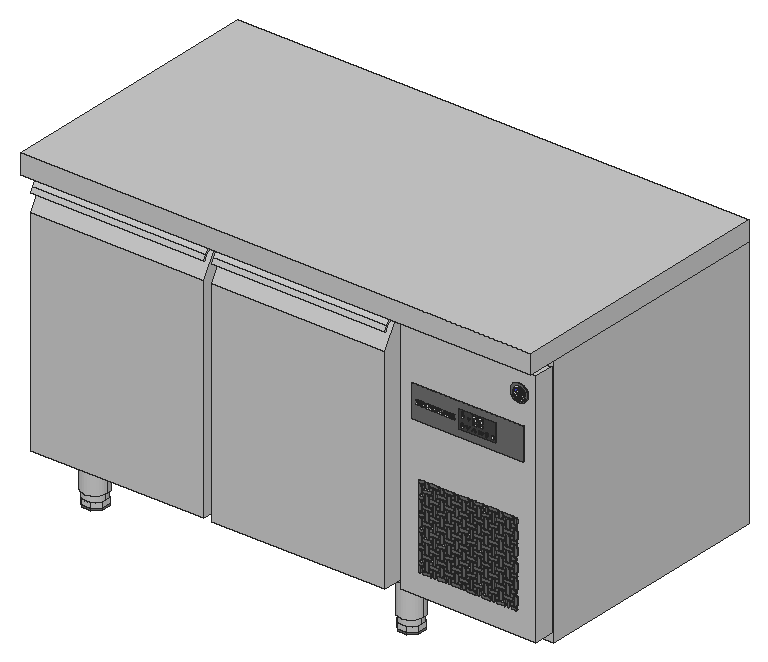
Revit family "QF_HOSHIZAKI_899000840", category Specialty Equipment, Revit 2016
Family settings
  Part Type = Normal
  Round Connector Dimension = Use Diameter
  OmniClass Number = 23.40.40.14
  OmniClass Title = Food Service Equipment
  Work Plane-Based = No
  Always vertical = Yes
  Cut with Voids When Loaded = No
  Shared = No
  Room Calculation Point = No
Parameters (values of type "899000840_230V-1Ph-50Hz")
  Weight = 95.00 kg
  Volts = 230 V
  URL Cutsheet = ""
  URL = "www.hoshizaki-europe.com"
  Status [instance] = ""
  Specification by User [instance] = ""
  Specification by Manufacturer [instance] = ""
  Serial Number = ""
  Seismic Rating = ""
  SMACNA No = ""
  Revision Code [instance] = ""
  Phase = 1
  Number of Poles = 2
  NAFEM Spec ID Number = ""
  Model = "ACF-130DG-LR-RRC-L1"
  Min Ckt Ampacity = 0 A
  Max Overcurrent Protection = 0 A
  Masterspec = ""
  Manufacturer = "HOSHIZAKI"
  Length Actual = 1314 mm
  Item Number [instance] = ""
  Installed By [instance] = ""
  Identify Quantity as Lot [instance] = no
  Height Actual = 900 mm
  HP power = ""
  Furnished By [instance] = ""
  Foodservice Equipment Identifier [instance] = yes
  FL Amps = 2.27 A
  Electric power = 524 W
  Electric Connection Type [instance] = ""
  Elec Conn RI Height [instance] = 0 mm
  Elec Conn Connection Height [instance] = 200 mm
  Description = "ADVANCE 2-SECTION 1/1 GN FREEZER COUNTER WITH 2 DOORS AND A FLAT WORKTOP"
  Depth Actual = 700 mm
  Cycle = 50 Hz
  Cost = 0
  Conn Plug = ""
  Conn Conduit = no
  CSI MasterFormat = ""
  Assembly Code = "E1090320"
  Apparent Power = 524 VA
  Accessory = no
Reference planes
  plane 1 "Center (Front/Back)": y = 0
  plane 2: z = 0
  plane 3 "Center (Left/Right)": x = 0
Forms (mm)
  Extrusion 1, solid, not visible
    sketch origin (1199, -17, 349) x (1, 0, 0) y (0, 1, 0)
      loop
        line (0, 0) -> (2, 0) -> (2, 2) -> (0, 2) -> (0, 0)
    from 0 to 2
Dimensions and locks
  aligned and locked: level to plane 2
Nested families
  nested 1: "QF_HOSHIZAKI_899000840_230V_1Ph_50Hz" at (0, 0, 150), type "899000840_230V/1Ph/50Hz"
    with Show Logo yes, Length Actual 1314 mm, Height Actual 650 mm, Depth Actual 700 mm, Compressor offset 958 mm, Compressor location 1
  nested 2: "QF_HOSHIZAKI_ADVANCE_REF-COUNTER-WORKTOPS" at (0, 0, 800), type "760660093"
    with Worktop thickness 50 mm, Length Actual 1314 mm, Depth Actual 700 mm, Backsplash thickness 20 mm, Backsplash height 100 mm
  nested 3: "QF_HOSHIZAKI_ADVANCE_REF-COUNTER-DOORS-DRAWERS" at (22, -700, 150), type "760660485-R"
    with Weight 0.00 kg, URL Cutsheet "", Status "", Specification by User "", Specification by Manufacturer "", Serial Number "", Seismic Rating "", Section size 446 mm, Section 1, SMACNA No "", Right hand hinged glass door no, Right hand hinged door no, Revision Code "", NAFEM Spec ID Number "", Masterspec "", Length Actual 0 mm, Left hand hinged glass door no, Left hand hinged door yes, Item Number "", Installed By "", Identify Quantity as Lot no, Height Actual 0 mm, Furnished By "", Foodservice Equipment Identifier no, Depth Actual 0 mm, CSI MasterFormat "", Accessory yes, 3 Drawers no, 2 Drawers 1-3 and 2-3 no, 2 Drawers no
  nested 4: "QF_HOSHIZAKI_ADVANCE_REF-COUNTER-DOORS-DRAWERS" at (488, -700, 150), type "760660485-R"
    with Weight 0.00 kg, URL Cutsheet "", Status "", Specification by User "", Specification by Manufacturer "", Serial Number "", Seismic Rating "", Section size 446 mm, Section 2, SMACNA No "", Right hand hinged glass door no, Right hand hinged door yes, Revision Code "", NAFEM Spec ID Number "", Masterspec "", Length Actual 0 mm, Left hand hinged glass door no, Left hand hinged door no, Item Number "", Installed By "", Identify Quantity as Lot no, Height Actual 0 mm, Furnished By "", Foodservice Equipment Identifier no, Depth Actual 0 mm, CSI MasterFormat "", Accessory yes, 3 Drawers no, 2 Drawers 1-3 and 2-3 no, 2 Drawers no
  nested 5: "QF_HOSHIZAKI_ADVANCE_REF-COUNTER-LEGS" at (0, 0, 0), type "760660118-5"
    with Weight 0.00 kg, URL Cutsheet "", Status "", Specification by User "", Specification by Manufacturer "", Serial Number "", Seismic Rating "", SMACNA No "", Revision Code "", NAFEM Spec ID Number "", Masterspec "", Length Actual 1314 mm, Legs inset right 430 mm, Legs inset rear 70 mm, Legs inset left 70 mm, Legs inset front 153 mm, Item Number "", Installed By "", Identify Quantity as Lot no, Height Actual 150 mm, Furnished By "", Foodservice Equipment Identifier no, Depth Actual 700 mm, Central Legs no, CSI MasterFormat "", Accessory yes
Connectors
  electrical at (1200, -15, 350), driven by "Apparent Power", driven by "Number of Poles", driven by "Volts"
    settings: on Extrusion 1, index 1, voltage 230 V, apparent load 0 VA, apparent load phase1 524 VA, apparent load phase2 0 VA, apparent load phase3 0 VA, power factor 1, load classification "Other", number of poles 2, system type 31, power factor state 1, is connector primary yes, connector utility no, sub classification motor no, connector description "Electric connection for '899000840' [Plug not included]"
Definition of nested family "QF_HOSHIZAKI_899000840_230V_1Ph_50Hz"
  Parameters (values of type "899000840_230V/1Ph/50Hz")
    URL = "www.hoshizaki-europe.com"
    Show Logo [instance] = yes
    Model = "ACF-130DG-LR-RRC-L1"
    Manufacturer = "HOSHIZAKI"
    Length Actual [instance] = 1314 mm
    Height Actual [instance] = 650 mm
    Description = "ADVANCE 2-SECTION 1/1 GN FREEZER COUNTER WITH 2 DOORS AND A FLAT WORKTOP"
    Depth Actual [instance] = 700 mm
    Compressor offset [instance] = if(Compressor location = 1, Length Actual - 356 mm, if(Compressor location = 2, 7 mm, Length Actual - 356 mm))  # 958 mm
    Compressor location [instance] = 1
    Author = "SPECIFI"
    Assembly Code = "E1090320"
  Types (24, lengths in mm): name | Model | Length Actual | Description | Compressor offset
    899000840_230V/1Ph/50Hz | "ACF-130DG-LR-RRC-L1" | 1314 | "ADVANCE 2-SECTION 1/1 GN FREEZER COUNTER WITH 2 DOORS AND A FLAT WORKTOP" | 958
    899000844 | "ACF-130DG-LR-RRS-L1" | 1314 | "ADVANCE 2-SECTION 1/1 GN FREEZER COUNTER WITH 2 DOORS AND A FLAT WORKTOP WITH 100 MM SPLASHBACK" | 958
    899000861 | "ACF-130DG-LR-RRC-C1-U" | 1314 | "ADVANCE 2-SECTION 1/1 GN FREEZER COUNTER WITH 2 DOORS AND A FLAT WORKTOP" | 958
    899000865 | "ACF-130DG-LR-RRS-C1-U" | 1314 | "ADVANCE 2-SECTION 1/1 GN FREEZER COUNTER WITH 2 DOORS AND A FLAT WORKTOP WITH 100 MM SPLASHBACK" | 958
    899000842 | "ACF-130DG-LR-RRC-L2" | 1314 | "ADVANCE 2-SECTION 1/1 GN FREEZER COUNTER WITH 2 DOORS AND A FLAT WORKTOP" | 958
    899000846 | "ACF-130DG-LR-RRS-L2" | 1314 | "ADVANCE 2-SECTION 1/1 GN FREEZER COUNTER WITH 2 DOORS AND A FLAT WORKTOP WITH 100 MM SPLASHBACK" | 958
    899000822 | "ACF-130DG-LR-CRC-L2" | 1314 | "ADVANCE 2-SECTION 1/1 GN FREEZER COUNTER WITH 2 DOORS AND A FLAT WORKTOP" | 958
    899000826 | "ACF-130DG-LR-CRS-L2" | 1314 | "ADVANCE 2-SECTION 1/1 GN FREEZER COUNTER WITH 2 DOORS AND A FLAT WORKTOP WITH 100 MM SPLASHBACK" | 958
    899020840 | "ACF-180DG-LRR-RRC-L1" | 1780 | "ADVANCE 3-SECTION 1/1 GN FREEZER COUNTER WITH 3 DOORS AND A FLAT WORKTOP" | 1424
    899020844 | "ACF-180DG-LRR-RRS-L1" | 1780 | "ADVANCE 3-SECTION 1/1 GN FREEZER COUNTER WITH 3 DOORS AND A FLAT WORKTOP WITH 100 MM SPLASHBACK" | 1424
    899020861 | "ACF-180DG-LRR-RRC-C1-U" | 1780 | "ADVANCE 3-SECTION 1/1 GN FREEZER COUNTER WITH 3 DOORS AND A FLAT WORKTOP" | 1424
    899020865 | "ACF-180DG-LRR-RRS-C1-U" | 1780 | "ADVANCE 3-SECTION 1/1 GN FREEZER COUNTER WITH 3 DOORS AND A FLAT WORKTOP WITH 100 MM SPLASHBACK" | 1424
    899020842 | "ACF-180DG-LRR-RRC-L2" | 1780 | "ADVANCE 3-SECTION 1/1 GN FREEZER COUNTER WITH 3 DOORS AND A FLAT WORKTOP" | 1424
    899020846 | "ACF-180DG-LRR-RRS-L2" | 1780 | "ADVANCE 3-SECTION 1/1 GN FREEZER COUNTER WITH 3 DOORS AND A FLAT WORKTOP WITH 100 MM SPLASHBACK" | 1424
    899020823 | "ACF-180DG-LRR-CRC-L2" | 1780 | "ADVANCE 3-SECTION 1/1 GN FREEZER COUNTER WITH 3 DOORS AND A FLAT WORKTOP" | 1424
    899020827 | "ACF-180DG-LRR-CRS-L2" | 1780 | "ADVANCE 3-SECTION 1/1 GN FREEZER COUNTER WITH 3 DOORS AND A FLAT WORKTOP WITH 100 MM SPLASHBACK" | 1424
    899040840 | "ACF-225DG-LLRR-RRC-L1" | 2246 | "ADVANCE 4-SECTION 1/1 GN FREEZER COUNTER WITH 4 DOORS AND A FLAT WORKTOP" | 1890
    899040844 | "ACF-225DG-LLRR-RRS-L1" | 2246 | "ADVANCE 4-SECTION 1/1 GN FREEZER COUNTER WITH 4 DOORS AND A FLAT WORKTOP WITH 100 MM SPLASHBACK" | 1890
    899040861 | "ACF-225DG-LLRR-RRC-C1-U" | 2246 | "ADVANCE 4-SECTION 1/1 GN FREEZER COUNTER WITH 4 DOORS AND A FLAT WORKTOP" | 1890
    899040865 | "ACF-225DG-LLRR-RRS-C1-U" | 2246 | "ADVANCE 4-SECTION 1/1 GN FREEZER COUNTER WITH 4 DOORS AND A FLAT WORKTOP WITH 100 MM SPLASHBACK" | 1890
    899040842 | "ACF-225DG-LLRR-RRC-L2" | 2246 | "ADVANCE 4-SECTION 1/1 GN FREEZER COUNTER WITH 4 DOORS AND A FLAT WORKTOP" | 1890
    899040846 | "ACF-225DG-LLRR-RRS-L2" | 2246 | "ADVANCE 4-SECTION 1/1 GN FREEZER COUNTER WITH 4 DOORS AND A FLAT WORKTOP WITH 100 MM SPLASHBACK" | 1890
    899040822 | "ACF-225DG-LLRR-CRC-L2" | 2246 | "ADVANCE 4-SECTION 1/1 GN FREEZER COUNTER WITH 4 DOORS AND A FLAT WORKTOP" | 1890
    899040826 | "ACF-225DG-LLRR-CRS-L2" | 2246 | "ADVANCE 4-SECTION 1/1 GN FREEZER COUNTER WITH 4 DOORS AND A FLAT WORKTOP WITH 100 MM SPLASHBACK" | 1890
  Reference planes
    plane 1 "Back": y = 0
    plane 2: z = 0
    plane 3 "Left": x = 0
    plane 4 "Right": x = 1314
    plane 5 "Front": y = -700
    plane 6 "Top": z = 650
    plane 7 "Front legs": y = -624.512
    plane 8 "Compressor dimension": x = 1314
    plane 9 "Compressor offset": x = 958
  Forms (mm)
    Extrusion 1, solid
      sketch origin (0, 0, 0) x (0, 1, 0) y (0, 0, 1)
        loop
          line (0, 650) -> (-624.512, 650) -> (-624.512, 0) -> (0, 0) -> (0, 650)
      from 0 to 1314
    Extrusion 2, solid
      sketch origin (958, 0, 0) x (0, -1, 0) y (0, 0, 1)
        loop
          line (624.512, 634) -> (624.512, 20) -> (674.54, 20) -> (674.54, 634) -> (624.512, 634)
      from 0 to -349
  Lines and regions (mm)
    symbolic lines
      curve 1: line (0, 0, 650) -> (1314, 0, 650)
      curve 2: line (0, -700, 650) -> (0, 0, 650)
      curve 3: line (1314, -700, 650) -> (0, -700, 650)
      curve 4: line (1314, 0, 650) -> (1314, -700, 650)
  Dimensions and locks
    "Length Actual": plane 3 "Left" to plane 4 "Right"
    "Depth Actual": plane 5 "Front" to plane 1 "Back"
    plane 7 "Front legs" to plane 5 "Front" = 75.488 mm
    "Compressor offset": plane 3 "Left" to plane 9 "Compressor offset"
    locked: plane 9 "Compressor offset" to plane 8 "Compressor dimension" at 356
    plane 6 "Top" to level = 650 mm
    aligned and locked: level to plane 2
    aligned and locked: plane 1 "Back" to Extrusion 1 sketch curve
    aligned and locked: plane 7 "Front legs" to Extrusion 1 sketch curve
    aligned and locked: Extrusion 1 to plane 4 "Right"
    aligned and locked: plane 7 "Front legs" to Extrusion 2 sketch curve
    aligned and locked: nested 1 to plane 5 "Front"
    aligned and locked: nested 1 to plane 9 "Compressor offset"
    aligned and locked: Extrusion 1 sketch curve to plane 6 "Top"
    aligned and locked: plane 2 to Extrusion 1 sketch curve
    aligned and locked: plane 1 "Back" to curve 1
    aligned and locked: plane 5 "Front" to curve 3
    aligned and locked: plane 4 "Right" to curve 4
    aligned and locked: plane 3 "Left" to curve 2
  Automatic sketch dimensions
    plane 5 "Front" to Extrusion 2 sketch curve = 25.46 mm
    level to Extrusion 2 sketch curve = 20 mm
    Extrusion 2 sketch curve to plane 6 "Top" = 16 mm
  Nested families
    nested 1: "Control-panel" at (958, -700, 0), Show Logo <- "Show Logo", type "Control-panel"
      with Show Logo yes
  Definition of nested family "Control-panel"
    Parameters (values of type "Control-panel")
      Show Logo [instance] = yes
    Reference planes
      plane 1 "Center (Front/Back)": y = 0
      plane 2: z = 0
      plane 3 "Center (Left/Right)": x = 0
      plane 4: z = 650
    Forms (mm)
      Extrusion 1, solid
        sketch origin (-3653, 19.5, -135) x (-1, 0, 0) y (0, 0, 1)
          loop
            arc (-3941, 426) -> (-3944.5, 422.5) -> (-3941, 419) r 3.5
            line (-3941, 419) -> (-3923, 419)
            arc (-3923, 419) -> (-3919.5, 422.5) -> (-3923, 426) r 3.5
            line (-3923, 426) -> (-3941, 426)
          loop
            arc (-3903, 426) -> (-3906.5, 422.5) -> (-3903, 419) r 3.5
            line (-3903, 419) -> (-3885, 419)
            arc (-3885, 419) -> (-3881.5, 422.5) -> (-3885, 426) r 3.5
            line (-3885, 426) -> (-3903, 426)
          loop
            arc (-3865, 426) -> (-3868.5, 422.5) -> (-3865, 419) r 3.5
            line (-3865, 419) -> (-3847, 419)
            arc (-3847, 419) -> (-3843.5, 422.5) -> (-3847, 426) r 3.5
            line (-3847, 426) -> (-3865, 426)
          loop
            arc (-3827, 426) -> (-3830.5, 422.5) -> (-3827, 419) r 3.5
            line (-3827, 419) -> (-3809, 419)
            arc (-3809, 419) -> (-3805.5, 422.5) -> (-3809, 426) r 3.5
            line (-3809, 426) -> (-3827, 426)
          loop
            arc (-3789, 426) -> (-3792.5, 422.5) -> (-3789, 419) r 3.5
            line (-3789, 419) -> (-3771, 419)
            arc (-3771, 419) -> (-3767.5, 422.5) -> (-3771, 426) r 3.5
            line (-3771, 426) -> (-3789, 426)
          loop
            arc (-3751, 426) -> (-3754.5, 422.5) -> (-3751, 419) r 3.5
            line (-3751, 419) -> (-3733, 419)
            arc (-3733, 419) -> (-3729.5, 422.5) -> (-3733, 426) r 3.5
            line (-3733, 426) -> (-3751, 426)
          loop
            arc (-3713, 426) -> (-3716.5, 422.5) -> (-3713, 419) r 3.5
            line (-3713, 419) -> (-3704, 419)
            arc (-3704, 419) -> (-3700.5, 422.5) -> (-3704, 426) r 3.5
            line (-3704, 426) -> (-3713, 426)
          loop
            arc (-3948, 422) -> (-3951, 425) -> (-3954, 422) r 3
            line (-3954, 422) -> (-3954, 413)
            arc (-3954, 413) -> (-3951, 410) -> (-3948, 413) r 3
            line (-3948, 413) -> (-3948, 422)
          loop
            line (-3938.025, 416.51) -> (-3945.025, 416.51) -> (-3945.025, 409.51) -> (-3938.025, 409.51) -> (-3938.025, 416.51)
          loop
            line (-3919.025, 416.51) -> (-3926.025, 416.51) -> (-3926.025, 409.51) -> (-3919.025, 409.51) -> (-3919.025, 416.51)
          loop
            arc (-3910, 422) -> (-3913, 425) -> (-3916, 422) r 3
            line (-3916, 422) -> (-3916, 413)
            arc (-3916, 413) -> (-3913, 410) -> (-3910, 413) r 3
            line (-3910, 413) -> (-3910, 422)
          loop
            line (-3900.025, 416.51) -> (-3907.025, 416.51) -> (-3907.025, 409.51) -> (-3900.025, 409.51) -> (-3900.025, 416.51)
          loop
            line (-3881.025, 416.51) -> (-3888.025, 416.51) -> (-3888.025, 409.51) -> (-3881.025, 409.51) -> (-3881.025, 416.51)
          loop
            arc (-3872, 422) -> (-3875, 425) -> (-3878, 422) r 3
            line (-3878, 422) -> (-3878, 413)
            arc (-3878, 413) -> (-3875, 410) -> (-3872, 413) r 3
            line (-3872, 413) -> (-3872, 422)
          loop
            line (-3862.025, 416.51) -> (-3869.025, 416.51) -> (-3869.025, 409.51) -> (-3862.025, 409.51) -> (-3862.025, 416.51)
          loop
            line (-3843.025, 416.51) -> (-3850.025, 416.51) -> (-3850.025, 409.51) -> (-3843.025, 409.51) -> (-3843.025, 416.51)
          loop
            arc (-3834, 422) -> (-3837, 425) -> (-3840, 422) r 3
            line (-3840, 422) -> (-3840, 413)
            arc (-3840, 413) -> (-3837, 410) -> (-3834, 413) r 3
            line (-3834, 413) -> (-3834, 422)
          loop
            line (-3824.025, 416.51) -> (-3831.025, 416.51) -> (-3831.025, 409.51) -> (-3824.025, 409.51) -> (-3824.025, 416.51)
          loop
            line (-3805.025, 416.51) -> (-3812.025, 416.51) -> (-3812.025, 409.51) -> (-3805.025, 409.51) -> (-3805.025, 416.51)
          loop
            arc (-3796, 422) -> (-3799, 425) -> (-3802, 422) r 3
            line (-3802, 422) -> (-3802, 413)
            arc (-3802, 413) -> (-3799, 410) -> (-3796, 413) r 3
            line (-3796, 413) -> (-3796, 422)
          loop
            line (-3786.025, 416.51) -> (-3793.025, 416.51) -> (-3793.025, 409.51) -> (-3786.025, 409.51) -> (-3786.025, 416.51)
          loop
            line (-3767.025, 416.51) -> (-3774.025, 416.51) -> (-3774.025, 409.51) -> (-3767.025, 409.51) -> (-3767.025, 416.51)
          loop
            arc (-3758, 422) -> (-3761, 425) -> (-3764, 422) r 3
            line (-3764, 422) -> (-3764, 413)
            arc (-3764, 413) -> (-3761, 410) -> (-3758, 413) r 3
            line (-3758, 413) -> (-3758, 422)
          loop
            line (-3748.025, 416.51) -> (-3755.025, 416.51) -> (-3755.025, 409.51) -> (-3748.025, 409.51) -> (-3748.025, 416.51)
          loop
            line (-3729.025, 416.51) -> (-3736.025, 416.51) -> (-3736.025, 409.51) -> (-3729.025, 409.51) -> (-3729.025, 416.51)
          loop
            arc (-3720, 422) -> (-3723, 425) -> (-3726, 422) r 3
            line (-3726, 422) -> (-3726, 413)
            arc (-3726, 413) -> (-3723, 410) -> (-3720, 413) r 3
            line (-3720, 413) -> (-3720, 422)
          loop
            line (-3710.025, 416.51) -> (-3717.025, 416.51) -> (-3717.025, 409.51) -> (-3710.025, 409.51) -> (-3710.025, 416.51)
          loop
            line (-3935.5, 412.5) -> (-3935.5, 394.5)
            arc (-3935.5, 394.5) -> (-3932, 391) -> (-3928.5, 394.5) r 3.5
            line (-3928.5, 394.5) -> (-3928.5, 412.5)
            arc (-3928.5, 412.5) -> (-3932, 416) -> (-3935.5, 412.5) r 3.5
          loop
            line (-3897.5, 412.5) -> (-3897.5, 394.5)
            arc (-3897.5, 394.5) -> (-3894, 391) -> (-3890.5, 394.5) r 3.5
            line (-3890.5, 394.5) -> (-3890.5, 412.5)
            arc (-3890.5, 412.5) -> (-3894, 416) -> (-3897.5, 412.5) r 3.5
          loop
            line (-3859.5, 412.5) -> (-3859.5, 394.5)
            arc (-3859.5, 394.5) -> (-3856, 391) -> (-3852.5, 394.5) r 3.5
            line (-3852.5, 394.5) -> (-3852.5, 412.5)
            arc (-3852.5, 412.5) -> (-3856, 416) -> (-3859.5, 412.5) r 3.5
          loop
            line (-3821.5, 412.5) -> (-3821.5, 394.5)
            arc (-3821.5, 394.5) -> (-3818, 391) -> (-3814.5, 394.5) r 3.5
            line (-3814.5, 394.5) -> (-3814.5, 412.5)
            arc (-3814.5, 412.5) -> (-3818, 416) -> (-3821.5, 412.5) r 3.5
          loop
            line (-3783.5, 412.5) -> (-3783.5, 394.5)
            arc (-3783.5, 394.5) -> (-3780, 391) -> (-3776.5, 394.5) r 3.5
            line (-3776.5, 394.5) -> (-3776.5, 412.5)
            arc (-3776.5, 412.5) -> (-3780, 416) -> (-3783.5, 412.5) r 3.5
          loop
            line (-3745.5, 412.5) -> (-3745.5, 394.5)
            arc (-3745.5, 394.5) -> (-3742, 391) -> (-3738.5, 394.5) r 3.5
            line (-3738.5, 394.5) -> (-3738.5, 412.5)
            arc (-3738.5, 412.5) -> (-3742, 416) -> (-3745.5, 412.5) r 3.5
          loop
            line (-3707.5, 412.5) -> (-3707.5, 394.5)
            arc (-3707.5, 394.5) -> (-3704, 391) -> (-3700.5, 394.5) r 3.5
            line (-3700.5, 394.5) -> (-3700.5, 412.5)
            arc (-3700.5, 412.5) -> (-3704, 416) -> (-3707.5, 412.5) r 3.5
          loop
            arc (-3922, 407) -> (-3925.5, 403.5) -> (-3922, 400) r 3.5
            line (-3922, 400) -> (-3904, 400)
            arc (-3904, 400) -> (-3900.5, 403.5) -> (-3904, 407) r 3.5
            line (-3904, 407) -> (-3922, 407)
          loop
            arc (-3884, 407) -> (-3887.5, 403.5) -> (-3884, 400) r 3.5
            line (-3884, 400) -> (-3866, 400)
            arc (-3866, 400) -> (-3862.5, 403.5) -> (-3866, 407) r 3.5
            line (-3866, 407) -> (-3884, 407)
          loop
            arc (-3846, 407) -> (-3849.5, 403.5) -> (-3846, 400) r 3.5
            line (-3846, 400) -> (-3828, 400)
            arc (-3828, 400) -> (-3824.5, 403.5) -> (-3828, 407) r 3.5
            line (-3828, 407) -> (-3846, 407)
          loop
            arc (-3808, 407) -> (-3811.5, 403.5) -> (-3808, 400) r 3.5
            line (-3808, 400) -> (-3790, 400)
            arc (-3790, 400) -> (-3786.5, 403.5) -> (-3790, 407) r 3.5
            line (-3790, 407) -> (-3808, 407)
          loop
            arc (-3770, 407) -> (-3773.5, 403.5) -> (-3770, 400) r 3.5
            line (-3770, 400) -> (-3752, 400)
            arc (-3752, 400) -> (-3748.5, 403.5) -> (-3752, 407) r 3.5
            line (-3752, 407) -> (-3770, 407)
          loop
            arc (-3732, 407) -> (-3735.5, 403.5) -> (-3732, 400) r 3.5
            line (-3732, 400) -> (-3714, 400)
            arc (-3714, 400) -> (-3710.5, 403.5) -> (-3714, 407) r 3.5
            line (-3714, 407) -> (-3732, 407)
          loop
            line (-3938.025, 390.49) -> (-3938.025, 397.49) -> (-3945.025, 397.49) -> (-3945.025, 390.49) -> (-3938.025, 390.49)
          loop
            line (-3919.025, 390.49) -> (-3919.025, 397.49) -> (-3926.025, 397.49) -> (-3926.025, 390.49) -> (-3919.025, 390.49)
          loop
            line (-3900.025, 390.49) -> (-3900.025, 397.49) -> (-3907.025, 397.49) -> (-3907.025, 390.49) -> (-3900.025, 390.49)
          loop
            line (-3881.025, 390.49) -> (-3881.025, 397.49) -> (-3888.025, 397.49) -> (-3888.025, 390.49) -> (-3881.025, 390.49)
          loop
            line (-3862.025, 390.49) -> (-3862.025, 397.49) -> (-3869.025, 397.49) -> (-3869.025, 390.49) -> (-3862.025, 390.49)
          loop
            line (-3843.025, 390.49) -> (-3843.025, 397.49) -> (-3850.025, 397.49) -> (-3850.025, 390.49) -> (-3843.025, 390.49)
          loop
            line (-3824.025, 390.49) -> (-3824.025, 397.49) -> (-3831.025, 397.49) -> (-3831.025, 390.49) -> (-3824.025, 390.49)
          loop
            line (-3805.025, 390.49) -> (-3805.025, 397.49) -> (-3812.025, 397.49) -> (-3812.025, 390.49) -> (-3805.025, 390.49)
          loop
            line (-3786.025, 390.49) -> (-3786.025, 397.49) -> (-3793.025, 397.49) -> (-3793.025, 390.49) -> (-3786.025, 390.49)
          loop
            line (-3767.025, 390.49) -> (-3767.025, 397.49) -> (-3774.025, 397.49) -> (-3774.025, 390.49) -> (-3767.025, 390.49)
          loop
            line (-3748.025, 390.49) -> (-3748.025, 397.49) -> (-3755.025, 397.49) -> (-3755.025, 390.49) -> (-3748.025, 390.49)
          loop
            line (-3729.025, 390.49) -> (-3729.025, 397.49) -> (-3736.025, 397.49) -> (-3736.025, 390.49) -> (-3729.025, 390.49)
          loop
            line (-3710.025, 390.49) -> (-3710.025, 397.49) -> (-3717.025, 397.49) -> (-3717.025, 390.49) -> (-3710.025, 390.49)
          loop
            arc (-3719.5, 393.5) -> (-3723, 397) -> (-3726.5, 393.5) r 3.5
            line (-3726.5, 393.5) -> (-3726.5, 375.5)
            arc (-3726.5, 375.5) -> (-3723, 372) -> (-3719.5, 375.5) r 3.5
            line (-3719.5, 375.5) -> (-3719.5, 393.5)
          loop
            arc (-3757.5, 393.5) -> (-3761, 397) -> (-3764.5, 393.5) r 3.5
            line (-3764.5, 393.5) -> (-3764.5, 375.5)
            arc (-3764.5, 375.5) -> (-3761, 372) -> (-3757.5, 375.5) r 3.5
            line (-3757.5, 375.5) -> (-3757.5, 393.5)
          loop
            arc (-3795.5, 393.5) -> (-3799, 397) -> (-3802.5, 393.5) r 3.5
            line (-3802.5, 393.5) -> (-3802.5, 375.5)
            arc (-3802.5, 375.5) -> (-3799, 372) -> (-3795.5, 375.5) r 3.5
            line (-3795.5, 375.5) -> (-3795.5, 393.5)
          loop
            arc (-3833.5, 393.5) -> (-3837, 397) -> (-3840.5, 393.5) r 3.5
            line (-3840.5, 393.5) -> (-3840.5, 375.5)
            arc (-3840.5, 375.5) -> (-3837, 372) -> (-3833.5, 375.5) r 3.5
            line (-3833.5, 375.5) -> (-3833.5, 393.5)
          loop
            arc (-3871.5, 393.5) -> (-3875, 397) -> (-3878.5, 393.5) r 3.5
            line (-3878.5, 393.5) -> (-3878.5, 375.5)
            arc (-3878.5, 375.5) -> (-3875, 372) -> (-3871.5, 375.5) r 3.5
            line (-3871.5, 375.5) -> (-3871.5, 393.5)
          loop
            arc (-3909.5, 393.5) -> (-3913, 397) -> (-3916.5, 393.5) r 3.5
            line (-3916.5, 393.5) -> (-3916.5, 375.5)
            arc (-3916.5, 375.5) -> (-3913, 372) -> (-3909.5, 375.5) r 3.5
            line (-3909.5, 375.5) -> (-3909.5, 393.5)
          loop
            arc (-3951, 406.5) -> (-3954, 403.5) -> (-3951, 400.5) r 3
            line (-3951, 400.5) -> (-3942, 400.5)
            arc (-3942, 400.5) -> (-3939, 403.5) -> (-3942, 406.5) r 3
            line (-3942, 406.5) -> (-3951, 406.5)
          loop
            arc (-3947.5, 393.5) -> (-3951, 397) -> (-3954.5, 393.5) r 3.5
            line (-3954.5, 393.5) -> (-3954.5, 375.5)
            arc (-3954.5, 375.5) -> (-3951, 372) -> (-3947.5, 375.5) r 3.5
            line (-3947.5, 375.5) -> (-3947.5, 393.5)
          loop
            arc (-3941, 388.51) -> (-3944.5, 385.01) -> (-3941, 381.51) r 3.5
            line (-3941, 381.51) -> (-3923, 381.51)
            arc (-3923, 381.51) -> (-3919.5, 385.01) -> (-3923, 388.51) r 3.5
            line (-3923, 388.51) -> (-3941, 388.51)
          loop
            arc (-3903, 388.51) -> (-3906.5, 385.01) -> (-3903, 381.51) r 3.5
            line (-3903, 381.51) -> (-3885, 381.51)
            arc (-3885, 381.51) -> (-3881.5, 385.01) -> (-3885, 388.51) r 3.5
            line (-3885, 388.51) -> (-3903, 388.51)
          loop
            arc (-3865, 388.51) -> (-3868.5, 385.01) -> (-3865, 381.51) r 3.5
            line (-3865, 381.51) -> (-3847, 381.51)
            arc (-3847, 381.51) -> (-3843.5, 385.01) -> (-3847, 388.51) r 3.5
            line (-3847, 388.51) -> (-3865, 388.51)
          loop
            arc (-3827, 388.51) -> (-3830.5, 385.01) -> (-3827, 381.51) r 3.5
            line (-3827, 381.51) -> (-3809, 381.51)
            arc (-3809, 381.51) -> (-3805.5, 385.01) -> (-3809, 388.51) r 3.5
            line (-3809, 388.51) -> (-3827, 388.51)
          loop
            arc (-3789, 388.51) -> (-3792.5, 385.01) -> (-3789, 381.51) r 3.5
            line (-3789, 381.51) -> (-3771, 381.51)
            arc (-3771, 381.51) -> (-3767.5, 385.01) -> (-3771, 388.51) r 3.5
            line (-3771, 388.51) -> (-3789, 388.51)
          loop
            arc (-3751, 388.51) -> (-3754.5, 385.01) -> (-3751, 381.51) r 3.5
            line (-3751, 381.51) -> (-3733, 381.51)
            arc (-3733, 381.51) -> (-3729.5, 385.01) -> (-3733, 388.51) r 3.5
            line (-3733, 388.51) -> (-3751, 388.51)
          loop
            arc (-3713, 388.51) -> (-3716.5, 385.01) -> (-3713, 381.51) r 3.5
            line (-3713, 381.51) -> (-3704, 381.51)
            arc (-3704, 381.51) -> (-3700.5, 385.01) -> (-3704, 388.51) r 3.5
            line (-3704, 388.51) -> (-3713, 388.51)
          loop
            line (-3938.025, 379.02) -> (-3945.025, 379.02) -> (-3945.025, 372.02) -> (-3938.025, 372.02) -> (-3938.025, 379.02)
          loop
            line (-3919.025, 379.02) -> (-3926.025, 379.02) -> (-3926.025, 372.02) -> (-3919.025, 372.02) -> (-3919.025, 379.02)
          loop
            line (-3900.025, 379.02) -> (-3907.025, 379.02) -> (-3907.025, 372.02) -> (-3900.025, 372.02) -> (-3900.025, 379.02)
          loop
            line (-3881.025, 379.02) -> (-3888.025, 379.02) -> (-3888.025, 372.02) -> (-3881.025, 372.02) -> (-3881.025, 379.02)
          loop
            line (-3862.025, 379.02) -> (-3869.025, 379.02) -> (-3869.025, 372.02) -> (-3862.025, 372.02) -> (-3862.025, 379.02)
          loop
            line (-3843.025, 379.02) -> (-3850.025, 379.02) -> (-3850.025, 372.02) -> (-3843.025, 372.02) -> (-3843.025, 379.02)
          loop
            line (-3824.025, 379.02) -> (-3831.025, 379.02) -> (-3831.025, 372.02) -> (-3824.025, 372.02) -> (-3824.025, 379.02)
          loop
            line (-3805.025, 379.02) -> (-3812.025, 379.02) -> (-3812.025, 372.02) -> (-3805.025, 372.02) -> (-3805.025, 379.02)
          loop
            line (-3786.025, 379.02) -> (-3793.025, 379.02) -> (-3793.025, 372.02) -> (-3786.025, 372.02) -> (-3786.025, 379.02)
          loop
            line (-3767.025, 379.02) -> (-3774.025, 379.02) -> (-3774.025, 372.02) -> (-3767.025, 372.02) -> (-3767.025, 379.02)
          loop
            line (-3748.025, 379.02) -> (-3755.025, 379.02) -> (-3755.025, 372.02) -> (-3748.025, 372.02) -> (-3748.025, 379.02)
          loop
            line (-3729.025, 379.02) -> (-3736.025, 379.02) -> (-3736.025, 372.02) -> (-3729.025, 372.02) -> (-3729.025, 379.02)
          loop
            line (-3710.025, 379.02) -> (-3717.025, 379.02) -> (-3717.025, 372.02) -> (-3710.025, 372.02) -> (-3710.025, 379.02)
          loop
            line (-3935.5, 375.01) -> (-3935.5, 357.01)
            arc (-3935.5, 357.01) -> (-3932, 353.51) -> (-3928.5, 357.01) r 3.5
            line (-3928.5, 357.01) -> (-3928.5, 375.01)
            arc (-3928.5, 375.01) -> (-3932, 378.51) -> (-3935.5, 375.01) r 3.5
          loop
            line (-3897.5, 375.01) -> (-3897.5, 357.01)
            arc (-3897.5, 357.01) -> (-3894, 353.51) -> (-3890.5, 357.01) r 3.5
            line (-3890.5, 357.01) -> (-3890.5, 375.01)
            arc (-3890.5, 375.01) -> (-3894, 378.51) -> (-3897.5, 375.01) r 3.5
          loop
            line (-3859.5, 375.01) -> (-3859.5, 357.01)
            arc (-3859.5, 357.01) -> (-3856, 353.51) -> (-3852.5, 357.01) r 3.5
            line (-3852.5, 357.01) -> (-3852.5, 375.01)
            arc (-3852.5, 375.01) -> (-3856, 378.51) -> (-3859.5, 375.01) r 3.5
          loop
            line (-3821.5, 375.01) -> (-3821.5, 357.01)
            arc (-3821.5, 357.01) -> (-3818, 353.51) -> (-3814.5, 357.01) r 3.5
            line (-3814.5, 357.01) -> (-3814.5, 375.01)
            arc (-3814.5, 375.01) -> (-3818, 378.51) -> (-3821.5, 375.01) r 3.5
          loop
            line (-3783.5, 375.01) -> (-3783.5, 357.01)
            arc (-3783.5, 357.01) -> (-3780, 353.51) -> (-3776.5, 357.01) r 3.5
            line (-3776.5, 357.01) -> (-3776.5, 375.01)
            arc (-3776.5, 375.01) -> (-3780, 378.51) -> (-3783.5, 375.01) r 3.5
          loop
            line (-3745.5, 375.01) -> (-3745.5, 357.01)
            arc (-3745.5, 357.01) -> (-3742, 353.51) -> (-3738.5, 357.01) r 3.5
            line (-3738.5, 357.01) -> (-3738.5, 375.01)
            arc (-3738.5, 375.01) -> (-3742, 378.51) -> (-3745.5, 375.01) r 3.5
          loop
            line (-3707.5, 375.01) -> (-3707.5, 357.01)
            arc (-3707.5, 357.01) -> (-3704, 353.51) -> (-3700.5, 357.01) r 3.5
            line (-3700.5, 357.01) -> (-3700.5, 375.01)
            arc (-3700.5, 375.01) -> (-3704, 378.51) -> (-3707.5, 375.01) r 3.5
          loop
            arc (-3922, 369.51) -> (-3925.5, 366.01) -> (-3922, 362.51) r 3.5
            line (-3922, 362.51) -> (-3904, 362.51)
            arc (-3904, 362.51) -> (-3900.5, 366.01) -> (-3904, 369.51) r 3.5
            line (-3904, 369.51) -> (-3922, 369.51)
          loop
            arc (-3884, 369.51) -> (-3887.5, 366.01) -> (-3884, 362.51) r 3.5
            line (-3884, 362.51) -> (-3866, 362.51)
            arc (-3866, 362.51) -> (-3862.5, 366.01) -> (-3866, 369.51) r 3.5
            line (-3866, 369.51) -> (-3884, 369.51)
          loop
            arc (-3846, 369.51) -> (-3849.5, 366.01) -> (-3846, 362.51) r 3.5
            line (-3846, 362.51) -> (-3828, 362.51)
            arc (-3828, 362.51) -> (-3824.5, 366.01) -> (-3828, 369.51) r 3.5
            line (-3828, 369.51) -> (-3846, 369.51)
          loop
            arc (-3808, 369.51) -> (-3811.5, 366.01) -> (-3808, 362.51) r 3.5
            line (-3808, 362.51) -> (-3790, 362.51)
            arc (-3790, 362.51) -> (-3786.5, 366.01) -> (-3790, 369.51) r 3.5
            line (-3790, 369.51) -> (-3808, 369.51)
          loop
            arc (-3770, 369.51) -> (-3773.5, 366.01) -> (-3770, 362.51) r 3.5
            line (-3770, 362.51) -> (-3752, 362.51)
            arc (-3752, 362.51) -> (-3748.5, 366.01) -> (-3752, 369.51) r 3.5
            line (-3752, 369.51) -> (-3770, 369.51)
          loop
            arc (-3732, 369.51) -> (-3735.5, 366.01) -> (-3732, 362.51) r 3.5
            line (-3732, 362.51) -> (-3714, 362.51)
            arc (-3714, 362.51) -> (-3710.5, 366.01) -> (-3714, 369.51) r 3.5
            line (-3714, 369.51) -> (-3732, 369.51)
          loop
            line (-3938.025, 353) -> (-3938.025, 360) -> (-3945.025, 360) -> (-3945.025, 353) -> (-3938.025, 353)
          loop
            line (-3919.025, 353) -> (-3919.025, 360) -> (-3926.025, 360) -> (-3926.025, 353) -> (-3919.025, 353)
          loop
            line (-3900.025, 353) -> (-3900.025, 360) -> (-3907.025, 360) -> (-3907.025, 353) -> (-3900.025, 353)
          loop
            line (-3881.025, 353) -> (-3881.025, 360) -> (-3888.025, 360) -> (-3888.025, 353) -> (-3881.025, 353)
          loop
            line (-3862.025, 353) -> (-3862.025, 360) -> (-3869.025, 360) -> (-3869.025, 353) -> (-3862.025, 353)
          loop
            line (-3843.025, 353) -> (-3843.025, 360) -> (-3850.025, 360) -> (-3850.025, 353) -> (-3843.025, 353)
          loop
            line (-3824.025, 353) -> (-3824.025, 360) -> (-3831.025, 360) -> (-3831.025, 353) -> (-3824.025, 353)
          loop
            line (-3805.025, 353) -> (-3805.025, 360) -> (-3812.025, 360) -> (-3812.025, 353) -> (-3805.025, 353)
          loop
            line (-3786.025, 353) -> (-3786.025, 360) -> (-3793.025, 360) -> (-3793.025, 353) -> (-3786.025, 353)
          loop
            line (-3767.025, 353) -> (-3767.025, 360) -> (-3774.025, 360) -> (-3774.025, 353) -> (-3767.025, 353)
          loop
            line (-3748.025, 353) -> (-3748.025, 360) -> (-3755.025, 360) -> (-3755.025, 353) -> (-3748.025, 353)
          loop
            line (-3729.025, 353) -> (-3729.025, 360) -> (-3736.025, 360) -> (-3736.025, 353) -> (-3729.025, 353)
          loop
            line (-3710.025, 353) -> (-3710.025, 360) -> (-3717.025, 360) -> (-3717.025, 353) -> (-3710.025, 353)
          loop
            arc (-3719.5, 356.01) -> (-3723, 359.51) -> (-3726.5, 356.01) r 3.5
            line (-3726.5, 356.01) -> (-3726.5, 338.01)
            arc (-3726.5, 338.01) -> (-3723, 334.51) -> (-3719.5, 338.01) r 3.5
            line (-3719.5, 338.01) -> (-3719.5, 356.01)
          loop
            arc (-3757.5, 356.01) -> (-3761, 359.51) -> (-3764.5, 356.01) r 3.5
            line (-3764.5, 356.01) -> (-3764.5, 338.01)
            arc (-3764.5, 338.01) -> (-3761, 334.51) -> (-3757.5, 338.01) r 3.5
            line (-3757.5, 338.01) -> (-3757.5, 356.01)
          loop
            arc (-3795.5, 356.01) -> (-3799, 359.51) -> (-3802.5, 356.01) r 3.5
            line (-3802.5, 356.01) -> (-3802.5, 338.01)
            arc (-3802.5, 338.01) -> (-3799, 334.51) -> (-3795.5, 338.01) r 3.5
            line (-3795.5, 338.01) -> (-3795.5, 356.01)
          loop
            arc (-3833.5, 356.01) -> (-3837, 359.51) -> (-3840.5, 356.01) r 3.5
            line (-3840.5, 356.01) -> (-3840.5, 338.01)
            arc (-3840.5, 338.01) -> (-3837, 334.51) -> (-3833.5, 338.01) r 3.5
            line (-3833.5, 338.01) -> (-3833.5, 356.01)
          loop
            arc (-3871.5, 356.01) -> (-3875, 359.51) -> (-3878.5, 356.01) r 3.5
            line (-3878.5, 356.01) -> (-3878.5, 338.01)
            arc (-3878.5, 338.01) -> (-3875, 334.51) -> (-3871.5, 338.01) r 3.5
            line (-3871.5, 338.01) -> (-3871.5, 356.01)
          loop
            arc (-3909.5, 356.01) -> (-3913, 359.51) -> (-3916.5, 356.01) r 3.5
            line (-3916.5, 356.01) -> (-3916.5, 338.01)
            arc (-3916.5, 338.01) -> (-3913, 334.51) -> (-3909.5, 338.01) r 3.5
            line (-3909.5, 338.01) -> (-3909.5, 356.01)
          loop
            arc (-3951, 369.01) -> (-3954, 366.01) -> (-3951, 363.01) r 3
            line (-3951, 363.01) -> (-3942, 363.01)
            arc (-3942, 363.01) -> (-3939, 366.01) -> (-3942, 369.01) r 3
            line (-3942, 369.01) -> (-3951, 369.01)
          loop
            arc (-3947.5, 356.01) -> (-3951, 359.51) -> (-3954.5, 356.01) r 3.5
            line (-3954.5, 356.01) -> (-3954.5, 338.01)
            arc (-3954.5, 338.01) -> (-3951, 334.51) -> (-3947.5, 338.01) r 3.5
            line (-3947.5, 338.01) -> (-3947.5, 356.01)
          loop
            arc (-3941, 350.486) -> (-3944.5, 346.986) -> (-3941, 343.486) r 3.5
            line (-3941, 343.486) -> (-3923, 343.486)
            arc (-3923, 343.486) -> (-3919.5, 346.986) -> (-3923, 350.486) r 3.5
            line (-3923, 350.486) -> (-3941, 350.486)
          loop
            arc (-3903, 350.486) -> (-3906.5, 346.986) -> (-3903, 343.486) r 3.5
            line (-3903, 343.486) -> (-3885, 343.486)
            arc (-3885, 343.486) -> (-3881.5, 346.986) -> (-3885, 350.486) r 3.5
            line (-3885, 350.486) -> (-3903, 350.486)
          loop
            arc (-3865, 350.486) -> (-3868.5, 346.986) -> (-3865, 343.486) r 3.5
            line (-3865, 343.486) -> (-3847, 343.486)
            arc (-3847, 343.486) -> (-3843.5, 346.986) -> (-3847, 350.486) r 3.5
            line (-3847, 350.486) -> (-3865, 350.486)
          loop
            arc (-3827, 350.486) -> (-3830.5, 346.986) -> (-3827, 343.486) r 3.5
            line (-3827, 343.486) -> (-3809, 343.486)
            arc (-3809, 343.486) -> (-3805.5, 346.986) -> (-3809, 350.486) r 3.5
            line (-3809, 350.486) -> (-3827, 350.486)
          loop
            arc (-3789, 350.486) -> (-3792.5, 346.986) -> (-3789, 343.486) r 3.5
            line (-3789, 343.486) -> (-3771, 343.486)
            arc (-3771, 343.486) -> (-3767.5, 346.986) -> (-3771, 350.486) r 3.5
            line (-3771, 350.486) -> (-3789, 350.486)
          loop
            arc (-3751, 350.486) -> (-3754.5, 346.986) -> (-3751, 343.486) r 3.5
            line (-3751, 343.486) -> (-3733, 343.486)
            arc (-3733, 343.486) -> (-3729.5, 346.986) -> (-3733, 350.486) r 3.5
            line (-3733, 350.486) -> (-3751, 350.486)
          loop
            arc (-3713, 350.486) -> (-3716.5, 346.986) -> (-3713, 343.486) r 3.5
            line (-3713, 343.486) -> (-3704, 343.486)
            arc (-3704, 343.486) -> (-3700.5, 346.986) -> (-3704, 350.486) r 3.5
            line (-3704, 350.486) -> (-3713, 350.486)
          loop
            line (-3938.025, 340.996) -> (-3945.025, 340.996) -> (-3945.025, 333.996) -> (-3938.025, 333.996) -> (-3938.025, 340.996)
          loop
            line (-3919.025, 340.996) -> (-3926.025, 340.996) -> (-3926.025, 333.996) -> (-3919.025, 333.996) -> (-3919.025, 340.996)
          loop
            line (-3900.025, 340.996) -> (-3907.025, 340.996) -> (-3907.025, 333.996) -> (-3900.025, 333.996) -> (-3900.025, 340.996)
          loop
            line (-3881.025, 340.996) -> (-3888.025, 340.996) -> (-3888.025, 333.996) -> (-3881.025, 333.996) -> (-3881.025, 340.996)
          loop
            line (-3862.025, 340.996) -> (-3869.025, 340.996) -> (-3869.025, 333.996) -> (-3862.025, 333.996) -> (-3862.025, 340.996)
          loop
            line (-3843.025, 340.996) -> (-3850.025, 340.996) -> (-3850.025, 333.996) -> (-3843.025, 333.996) -> (-3843.025, 340.996)
          loop
            line (-3824.025, 340.996) -> (-3831.025, 340.996) -> (-3831.025, 333.996) -> (-3824.025, 333.996) -> (-3824.025, 340.996)
          loop
            line (-3805.025, 340.996) -> (-3812.025, 340.996) -> (-3812.025, 333.996) -> (-3805.025, 333.996) -> (-3805.025, 340.996)
          loop
            line (-3786.025, 340.996) -> (-3793.025, 340.996) -> (-3793.025, 333.996) -> (-3786.025, 333.996) -> (-3786.025, 340.996)
          loop
            line (-3767.025, 340.996) -> (-3774.025, 340.996) -> (-3774.025, 333.996) -> (-3767.025, 333.996) -> (-3767.025, 340.996)
          loop
            line (-3748.025, 340.996) -> (-3755.025, 340.996) -> (-3755.025, 333.996) -> (-3748.025, 333.996) -> (-3748.025, 340.996)
          loop
            line (-3729.025, 340.996) -> (-3736.025, 340.996) -> (-3736.025, 333.996) -> (-3729.025, 333.996) -> (-3729.025, 340.996)
          loop
            line (-3710.025, 340.996) -> (-3717.025, 340.996) -> (-3717.025, 333.996) -> (-3710.025, 333.996) -> (-3710.025, 340.996)
          loop
            line (-3935.5, 336.986) -> (-3935.5, 318.986)
            arc (-3935.5, 318.986) -> (-3932, 315.486) -> (-3928.5, 318.986) r 3.5
            line (-3928.5, 318.986) -> (-3928.5, 336.986)
            arc (-3928.5, 336.986) -> (-3932, 340.486) -> (-3935.5, 336.986) r 3.5
          loop
            line (-3897.5, 336.986) -> (-3897.5, 318.986)
            arc (-3897.5, 318.986) -> (-3894, 315.486) -> (-3890.5, 318.986) r 3.5
            line (-3890.5, 318.986) -> (-3890.5, 336.986)
            arc (-3890.5, 336.986) -> (-3894, 340.486) -> (-3897.5, 336.986) r 3.5
          loop
            line (-3859.5, 336.986) -> (-3859.5, 318.986)
            arc (-3859.5, 318.986) -> (-3856, 315.486) -> (-3852.5, 318.986) r 3.5
            line (-3852.5, 318.986) -> (-3852.5, 336.986)
            arc (-3852.5, 336.986) -> (-3856, 340.486) -> (-3859.5, 336.986) r 3.5
          loop
            line (-3821.5, 336.986) -> (-3821.5, 318.986)
            arc (-3821.5, 318.986) -> (-3818, 315.486) -> (-3814.5, 318.986) r 3.5
            line (-3814.5, 318.986) -> (-3814.5, 336.986)
            arc (-3814.5, 336.986) -> (-3818, 340.486) -> (-3821.5, 336.986) r 3.5
          loop
            line (-3783.5, 336.986) -> (-3783.5, 318.986)
            arc (-3783.5, 318.986) -> (-3780, 315.486) -> (-3776.5, 318.986) r 3.5
            line (-3776.5, 318.986) -> (-3776.5, 336.986)
            arc (-3776.5, 336.986) -> (-3780, 340.486) -> (-3783.5, 336.986) r 3.5
          loop
            line (-3745.5, 336.986) -> (-3745.5, 318.986)
            arc (-3745.5, 318.986) -> (-3742, 315.486) -> (-3738.5, 318.986) r 3.5
            line (-3738.5, 318.986) -> (-3738.5, 336.986)
            arc (-3738.5, 336.986) -> (-3742, 340.486) -> (-3745.5, 336.986) r 3.5
          loop
            line (-3707.5, 336.986) -> (-3707.5, 318.986)
            arc (-3707.5, 318.986) -> (-3704, 315.486) -> (-3700.5, 318.986) r 3.5
            line (-3700.5, 318.986) -> (-3700.5, 336.986)
            arc (-3700.5, 336.986) -> (-3704, 340.486) -> (-3707.5, 336.986) r 3.5
          loop
            arc (-3922, 331.486) -> (-3925.5, 327.986) -> (-3922, 324.486) r 3.5
            line (-3922, 324.486) -> (-3904, 324.486)
            arc (-3904, 324.486) -> (-3900.5, 327.986) -> (-3904, 331.486) r 3.5
            line (-3904, 331.486) -> (-3922, 331.486)
          loop
            arc (-3884, 331.486) -> (-3887.5, 327.986) -> (-3884, 324.486) r 3.5
            line (-3884, 324.486) -> (-3866, 324.486)
            arc (-3866, 324.486) -> (-3862.5, 327.986) -> (-3866, 331.486) r 3.5
            line (-3866, 331.486) -> (-3884, 331.486)
          loop
            arc (-3846, 331.486) -> (-3849.5, 327.986) -> (-3846, 324.486) r 3.5
            line (-3846, 324.486) -> (-3828, 324.486)
            arc (-3828, 324.486) -> (-3824.5, 327.986) -> (-3828, 331.486) r 3.5
            line (-3828, 331.486) -> (-3846, 331.486)
          loop
            arc (-3808, 331.486) -> (-3811.5, 327.986) -> (-3808, 324.486) r 3.5
            line (-3808, 324.486) -> (-3790, 324.486)
            arc (-3790, 324.486) -> (-3786.5, 327.986) -> (-3790, 331.486) r 3.5
            line (-3790, 331.486) -> (-3808, 331.486)
          loop
            arc (-3770, 331.486) -> (-3773.5, 327.986) -> (-3770, 324.486) r 3.5
            line (-3770, 324.486) -> (-3752, 324.486)
            arc (-3752, 324.486) -> (-3748.5, 327.986) -> (-3752, 331.486) r 3.5
            line (-3752, 331.486) -> (-3770, 331.486)
          loop
            arc (-3732, 331.486) -> (-3735.5, 327.986) -> (-3732, 324.486) r 3.5
            line (-3732, 324.486) -> (-3714, 324.486)
            arc (-3714, 324.486) -> (-3710.5, 327.986) -> (-3714, 331.486) r 3.5
            line (-3714, 331.486) -> (-3732, 331.486)
          loop
            line (-3938.025, 314.976) -> (-3938.025, 321.976) -> (-3945.025, 321.976) -> (-3945.025, 314.976) -> (-3938.025, 314.976)
          loop
            line (-3919.025, 314.976) -> (-3919.025, 321.976) -> (-3926.025, 321.976) -> (-3926.025, 314.976) -> (-3919.025, 314.976)
          loop
            line (-3900.025, 314.976) -> (-3900.025, 321.976) -> (-3907.025, 321.976) -> (-3907.025, 314.976) -> (-3900.025, 314.976)
          loop
            line (-3881.025, 314.976) -> (-3881.025, 321.976) -> (-3888.025, 321.976) -> (-3888.025, 314.976) -> (-3881.025, 314.976)
          loop
            line (-3862.025, 314.976) -> (-3862.025, 321.976) -> (-3869.025, 321.976) -> (-3869.025, 314.976) -> (-3862.025, 314.976)
          loop
            line (-3843.025, 314.976) -> (-3843.025, 321.976) -> (-3850.025, 321.976) -> (-3850.025, 314.976) -> (-3843.025, 314.976)
          loop
            line (-3824.025, 314.976) -> (-3824.025, 321.976) -> (-3831.025, 321.976) -> (-3831.025, 314.976) -> (-3824.025, 314.976)
          loop
            line (-3805.025, 314.976) -> (-3805.025, 321.976) -> (-3812.025, 321.976) -> (-3812.025, 314.976) -> (-3805.025, 314.976)
          loop
            line (-3786.025, 314.976) -> (-3786.025, 321.976) -> (-3793.025, 321.976) -> (-3793.025, 314.976) -> (-3786.025, 314.976)
          loop
            line (-3767.025, 314.976) -> (-3767.025, 321.976) -> (-3774.025, 321.976) -> (-3774.025, 314.976) -> (-3767.025, 314.976)
          loop
            line (-3748.025, 314.976) -> (-3748.025, 321.976) -> (-3755.025, 321.976) -> (-3755.025, 314.976) -> (-3748.025, 314.976)
          loop
            line (-3729.025, 314.976) -> (-3729.025, 321.976) -> (-3736.025, 321.976) -> (-3736.025, 314.976) -> (-3729.025, 314.976)
          loop
            line (-3710.025, 314.976) -> (-3710.025, 321.976) -> (-3717.025, 321.976) -> (-3717.025, 314.976) -> (-3710.025, 314.976)
          loop
            arc (-3719.5, 317.986) -> (-3723, 321.486) -> (-3726.5, 317.986) r 3.5
            line (-3726.5, 317.986) -> (-3726.5, 299.986)
            arc (-3726.5, 299.986) -> (-3723, 296.486) -> (-3719.5, 299.986) r 3.5
            line (-3719.5, 299.986) -> (-3719.5, 317.986)
          loop
            arc (-3757.5, 317.986) -> (-3761, 321.486) -> (-3764.5, 317.986) r 3.5
            line (-3764.5, 317.986) -> (-3764.5, 299.986)
            arc (-3764.5, 299.986) -> (-3761, 296.486) -> (-3757.5, 299.986) r 3.5
            line (-3757.5, 299.986) -> (-3757.5, 317.986)
          loop
            arc (-3795.5, 317.986) -> (-3799, 321.486) -> (-3802.5, 317.986) r 3.5
            line (-3802.5, 317.986) -> (-3802.5, 299.986)
            arc (-3802.5, 299.986) -> (-3799, 296.486) -> (-3795.5, 299.986) r 3.5
            line (-3795.5, 299.986) -> (-3795.5, 317.986)
          loop
            arc (-3833.5, 317.986) -> (-3837, 321.486) -> (-3840.5, 317.986) r 3.5
            line (-3840.5, 317.986) -> (-3840.5, 299.986)
            arc (-3840.5, 299.986) -> (-3837, 296.486) -> (-3833.5, 299.986) r 3.5
            line (-3833.5, 299.986) -> (-3833.5, 317.986)
          loop
            arc (-3871.5, 317.986) -> (-3875, 321.486) -> (-3878.5, 317.986) r 3.5
            line (-3878.5, 317.986) -> (-3878.5, 299.986)
            arc (-3878.5, 299.986) -> (-3875, 296.486) -> (-3871.5, 299.986) r 3.5
            line (-3871.5, 299.986) -> (-3871.5, 317.986)
          loop
            arc (-3909.5, 317.986) -> (-3913, 321.486) -> (-3916.5, 317.986) r 3.5
            line (-3916.5, 317.986) -> (-3916.5, 299.986)
            arc (-3916.5, 299.986) -> (-3913, 296.486) -> (-3909.5, 299.986) r 3.5
            line (-3909.5, 299.986) -> (-3909.5, 317.986)
          loop
            arc (-3951, 330.986) -> (-3954, 327.986) -> (-3951, 324.986) r 3
            line (-3951, 324.986) -> (-3942, 324.986)
            arc (-3942, 324.986) -> (-3939, 327.986) -> (-3942, 330.986) r 3
            line (-3942, 330.986) -> (-3951, 330.986)
          loop
            arc (-3947.5, 317.986) -> (-3951, 321.486) -> (-3954.5, 317.986) r 3.5
            line (-3954.5, 317.986) -> (-3954.5, 299.986)
            arc (-3954.5, 299.986) -> (-3951, 296.486) -> (-3947.5, 299.986) r 3.5
            line (-3947.5, 299.986) -> (-3947.5, 317.986)
          loop
            arc (-3941, 312.486) -> (-3944.5, 308.986) -> (-3941, 305.486) r 3.5
            line (-3941, 305.486) -> (-3923, 305.486)
            arc (-3923, 305.486) -> (-3919.5, 308.986) -> (-3923, 312.486) r 3.5
            line (-3923, 312.486) -> (-3941, 312.486)
          loop
            arc (-3903, 312.486) -> (-3906.5, 308.986) -> (-3903, 305.486) r 3.5
            line (-3903, 305.486) -> (-3885, 305.486)
            arc (-3885, 305.486) -> (-3881.5, 308.986) -> (-3885, 312.486) r 3.5
            line (-3885, 312.486) -> (-3903, 312.486)
          loop
            arc (-3865, 312.486) -> (-3868.5, 308.986) -> (-3865, 305.486) r 3.5
            line (-3865, 305.486) -> (-3847, 305.486)
            arc (-3847, 305.486) -> (-3843.5, 308.986) -> (-3847, 312.486) r 3.5
            line (-3847, 312.486) -> (-3865, 312.486)
          loop
            arc (-3827, 312.486) -> (-3830.5, 308.986) -> (-3827, 305.486) r 3.5
            line (-3827, 305.486) -> (-3809, 305.486)
            arc (-3809, 305.486) -> (-3805.5, 308.986) -> (-3809, 312.486) r 3.5
            line (-3809, 312.486) -> (-3827, 312.486)
          loop
            arc (-3789, 312.486) -> (-3792.5, 308.986) -> (-3789, 305.486) r 3.5
            line (-3789, 305.486) -> (-3771, 305.486)
            arc (-3771, 305.486) -> (-3767.5, 308.986) -> (-3771, 312.486) r 3.5
            line (-3771, 312.486) -> (-3789, 312.486)
          loop
            arc (-3751, 312.486) -> (-3754.5, 308.986) -> (-3751, 305.486) r 3.5
            line (-3751, 305.486) -> (-3733, 305.486)
            arc (-3733, 305.486) -> (-3729.5, 308.986) -> (-3733, 312.486) r 3.5
            line (-3733, 312.486) -> (-3751, 312.486)
          loop
            arc (-3713, 312.486) -> (-3716.5, 308.986) -> (-3713, 305.486) r 3.5
            line (-3713, 305.486) -> (-3704, 305.486)
            arc (-3704, 305.486) -> (-3700.5, 308.986) -> (-3704, 312.486) r 3.5
            line (-3704, 312.486) -> (-3713, 312.486)
          loop
            line (-3938.025, 302.996) -> (-3945.025, 302.996) -> (-3945.025, 295.996) -> (-3938.025, 295.996) -> (-3938.025, 302.996)
          loop
            line (-3919.025, 302.996) -> (-3926.025, 302.996) -> (-3926.025, 295.996) -> (-3919.025, 295.996) -> (-3919.025, 302.996)
          loop
            line (-3900.025, 302.996) -> (-3907.025, 302.996) -> (-3907.025, 295.996) -> (-3900.025, 295.996) -> (-3900.025, 302.996)
          loop
            line (-3881.025, 302.996) -> (-3888.025, 302.996) -> (-3888.025, 295.996) -> (-3881.025, 295.996) -> (-3881.025, 302.996)
          loop
            line (-3862.025, 302.996) -> (-3869.025, 302.996) -> (-3869.025, 295.996) -> (-3862.025, 295.996) -> (-3862.025, 302.996)
          loop
            line (-3843.025, 302.996) -> (-3850.025, 302.996) -> (-3850.025, 295.996) -> (-3843.025, 295.996) -> (-3843.025, 302.996)
          loop
            line (-3824.025, 302.996) -> (-3831.025, 302.996) -> (-3831.025, 295.996) -> (-3824.025, 295.996) -> (-3824.025, 302.996)
          loop
            line (-3805.025, 302.996) -> (-3812.025, 302.996) -> (-3812.025, 295.996) -> (-3805.025, 295.996) -> (-3805.025, 302.996)
          loop
            line (-3786.025, 302.996) -> (-3793.025, 302.996) -> (-3793.025, 295.996) -> (-3786.025, 295.996) -> (-3786.025, 302.996)
          loop
            line (-3767.025, 302.996) -> (-3774.025, 302.996) -> (-3774.025, 295.996) -> (-3767.025, 295.996) -> (-3767.025, 302.996)
          loop
            line (-3748.025, 302.996) -> (-3755.025, 302.996) -> (-3755.025, 295.996) -> (-3748.025, 295.996) -> (-3748.025, 302.996)
          loop
            line (-3729.025, 302.996) -> (-3736.025, 302.996) -> (-3736.025, 295.996) -> (-3729.025, 295.996) -> (-3729.025, 302.996)
          loop
            line (-3710.025, 302.996) -> (-3717.025, 302.996) -> (-3717.025, 295.996) -> (-3710.025, 295.996) -> (-3710.025, 302.996)
          loop
            line (-3935.5, 298.986) -> (-3935.5, 280.986)
            arc (-3935.5, 280.986) -> (-3932, 277.486) -> (-3928.5, 280.986) r 3.5
            line (-3928.5, 280.986) -> (-3928.5, 298.986)
            arc (-3928.5, 298.986) -> (-3932, 302.486) -> (-3935.5, 298.986) r 3.5
          loop
            line (-3897.5, 298.986) -> (-3897.5, 280.986)
            arc (-3897.5, 280.986) -> (-3894, 277.486) -> (-3890.5, 280.986) r 3.5
            line (-3890.5, 280.986) -> (-3890.5, 298.986)
            arc (-3890.5, 298.986) -> (-3894, 302.486) -> (-3897.5, 298.986) r 3.5
          loop
            line (-3859.5, 298.986) -> (-3859.5, 280.986)
            arc (-3859.5, 280.986) -> (-3856, 277.486) -> (-3852.5, 280.986) r 3.5
            line (-3852.5, 280.986) -> (-3852.5, 298.986)
            arc (-3852.5, 298.986) -> (-3856, 302.486) -> (-3859.5, 298.986) r 3.5
          loop
            line (-3821.5, 298.986) -> (-3821.5, 280.986)
            arc (-3821.5, 280.986) -> (-3818, 277.486) -> (-3814.5, 280.986) r 3.5
            line (-3814.5, 280.986) -> (-3814.5, 298.986)
            arc (-3814.5, 298.986) -> (-3818, 302.486) -> (-3821.5, 298.986) r 3.5
          loop
            line (-3783.5, 298.986) -> (-3783.5, 280.986)
            arc (-3783.5, 280.986) -> (-3780, 277.486) -> (-3776.5, 280.986) r 3.5
            line (-3776.5, 280.986) -> (-3776.5, 298.986)
            arc (-3776.5, 298.986) -> (-3780, 302.486) -> (-3783.5, 298.986) r 3.5
          loop
            line (-3745.5, 298.986) -> (-3745.5, 280.986)
            arc (-3745.5, 280.986) -> (-3742, 277.486) -> (-3738.5, 280.986) r 3.5
            line (-3738.5, 280.986) -> (-3738.5, 298.986)
            arc (-3738.5, 298.986) -> (-3742, 302.486) -> (-3745.5, 298.986) r 3.5
          loop
            line (-3707.5, 298.986) -> (-3707.5, 280.986)
            arc (-3707.5, 280.986) -> (-3704, 277.486) -> (-3700.5, 280.986) r 3.5
            line (-3700.5, 280.986) -> (-3700.5, 298.986)
            arc (-3700.5, 298.986) -> (-3704, 302.486) -> (-3707.5, 298.986) r 3.5
          loop
            arc (-3922, 293.486) -> (-3925.5, 289.986) -> (-3922, 286.486) r 3.5
            line (-3922, 286.486) -> (-3904, 286.486)
            arc (-3904, 286.486) -> (-3900.5, 289.986) -> (-3904, 293.486) r 3.5
            line (-3904, 293.486) -> (-3922, 293.486)
          loop
            arc (-3884, 293.486) -> (-3887.5, 289.986) -> (-3884, 286.486) r 3.5
            line (-3884, 286.486) -> (-3866, 286.486)
            arc (-3866, 286.486) -> (-3862.5, 289.986) -> (-3866, 293.486) r 3.5
            line (-3866, 293.486) -> (-3884, 293.486)
          loop
            arc (-3846, 293.486) -> (-3849.5, 289.986) -> (-3846, 286.486) r 3.5
            line (-3846, 286.486) -> (-3828, 286.486)
            arc (-3828, 286.486) -> (-3824.5, 289.986) -> (-3828, 293.486) r 3.5
            line (-3828, 293.486) -> (-3846, 293.486)
          loop
            arc (-3808, 293.486) -> (-3811.5, 289.986) -> (-3808, 286.486) r 3.5
            line (-3808, 286.486) -> (-3790, 286.486)
            arc (-3790, 286.486) -> (-3786.5, 289.986) -> (-3790, 293.486) r 3.5
            line (-3790, 293.486) -> (-3808, 293.486)
          loop
            arc (-3770, 293.486) -> (-3773.5, 289.986) -> (-3770, 286.486) r 3.5
            line (-3770, 286.486) -> (-3752, 286.486)
            arc (-3752, 286.486) -> (-3748.5, 289.986) -> (-3752, 293.486) r 3.5
            line (-3752, 293.486) -> (-3770, 293.486)
          loop
            arc (-3732, 293.486) -> (-3735.5, 289.986) -> (-3732, 286.486) r 3.5
            line (-3732, 286.486) -> (-3714, 286.486)
            arc (-3714, 286.486) -> (-3710.5, 289.986) -> (-3714, 293.486) r 3.5
            line (-3714, 293.486) -> (-3732, 293.486)
          loop
            line (-3938.025, 276.976) -> (-3938.025, 283.976) -> (-3945.025, 283.976) -> (-3945.025, 276.976) -> (-3938.025, 276.976)
          loop
            line (-3919.025, 276.976) -> (-3919.025, 283.976) -> (-3926.025, 283.976) -> (-3926.025, 276.976) -> (-3919.025, 276.976)
          loop
            line (-3900.025, 276.976) -> (-3900.025, 283.976) -> (-3907.025, 283.976) -> (-3907.025, 276.976) -> (-3900.025, 276.976)
          loop
            line (-3881.025, 276.976) -> (-3881.025, 283.976) -> (-3888.025, 283.976) -> (-3888.025, 276.976) -> (-3881.025, 276.976)
          loop
            line (-3862.025, 276.976) -> (-3862.025, 283.976) -> (-3869.025, 283.976) -> (-3869.025, 276.976) -> (-3862.025, 276.976)
          loop
            line (-3843.025, 276.976) -> (-3843.025, 283.976) -> (-3850.025, 283.976) -> (-3850.025, 276.976) -> (-3843.025, 276.976)
          loop
            line (-3824.025, 276.976) -> (-3824.025, 283.976) -> (-3831.025, 283.976) -> (-3831.025, 276.976) -> (-3824.025, 276.976)
          loop
            line (-3805.025, 276.976) -> (-3805.025, 283.976) -> (-3812.025, 283.976) -> (-3812.025, 276.976) -> (-3805.025, 276.976)
          loop
            line (-3786.025, 276.976) -> (-3786.025, 283.976) -> (-3793.025, 283.976) -> (-3793.025, 276.976) -> (-3786.025, 276.976)
          loop
            line (-3767.025, 276.976) -> (-3767.025, 283.976) -> (-3774.025, 283.976) -> (-3774.025, 276.976) -> (-3767.025, 276.976)
          loop
            line (-3748.025, 276.976) -> (-3748.025, 283.976) -> (-3755.025, 283.976) -> (-3755.025, 276.976) -> (-3748.025, 276.976)
